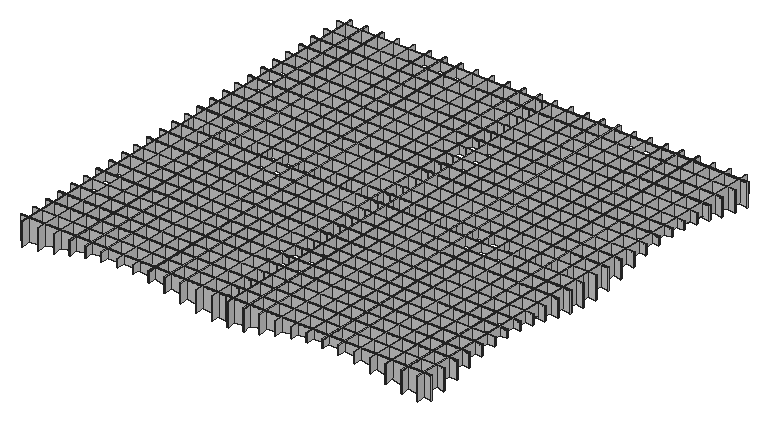
Revit family "CLD-WFL-002_RFA", category Modelos genéricos, Revit 2022 (continued)
Forms (in)
  Extrusion 81, solid, not visible
    sketch origin (0, 8.89955, 0) x (1, 0, 0) y (0, 0, 1)
      loop
        spline (104.09022, 1.58418) -> (104.41609, 1.52715) -> (104.74197, 1.46988) -> (105.06787, 1.41237) -> (105.39376, 1.35462) -> (105.71965, 1.29662) -> (106.04553, 1.23838) -> (106.37138, 1.1799) -> (106.6972, 1.12116) -> (107.02298, 1.06219) -> (107.34871, 1.00296) -> (107.67439, 0.94348) -> (108, 0.88375)
        line (108, 0.88375) -> (108, 11.82144)
    from -0.11811 to 0
  Extrusion 82, solid, not visible
    sketch origin (0, 58.163, 0) x (1, 0, 0) y (0, 0, 1)
      loop
        line (108, 11.82144) -> (0, 11.82144) -> (0, 7.49745)
        spline (0, 7.49745) -> (0.32561, 7.50061) -> (0.65129, 7.5028) -> (0.97702, 7.504) -> (1.3028, 7.50421) -> (1.62862, 7.5034) -> (1.95447, 7.50158) -> (2.28035, 7.49874) -> (2.60624, 7.49485) -> (2.93213, 7.48991) -> (3.25803, 7.48392) -> (3.58391, 7.47685) -> (3.90978, 7.46871)
        spline (3.90978, 7.46871) -> (4.64427, 7.44283) -> (5.37852, 7.41184) -> (6.11245, 7.37564) -> (6.84598, 7.33415) -> (7.57905, 7.28726) -> (8.31158, 7.23488) -> (9.04349, 7.17692) -> (9.77471, 7.11327) -> (10.50517, 7.04386) -> (11.23479, 6.96857) -> (11.9635, 6.88732) -> (12.69122, 6.80001)
        spline (12.69122, 6.80001) -> (13.34456, 6.71191) -> (13.99682, 6.61804) -> (14.64799, 6.5185) -> (15.29813, 6.41358) -> (15.94729, 6.30354) -> (16.59553, 6.18867) -> (17.2429, 6.06925) -> (17.88946, 5.94556) -> (18.53527, 5.81787) -> (19.18038, 5.68647) -> (19.82484, 5.55162) -> (20.46871, 5.41362)
        spline (20.46871, 5.41362) -> (21.20701, 5.25043) -> (21.94481, 5.08446) -> (22.68216, 4.91603) -> (23.41914, 4.74548) -> (24.15581, 4.57314) -> (24.89224, 4.39932) -> (25.62848, 4.22436) -> (26.36461, 4.04857) -> (27.10068, 3.8723) -> (27.83677, 3.69586) -> (28.57293, 3.51959) -> (29.30922, 3.3438)
        spline (29.30922, 3.3438) -> (29.95995, 3.18922) -> (30.61094, 3.03586) -> (31.26223, 2.884) -> (31.91387, 2.73392) -> (32.56591, 2.58591) -> (33.21841, 2.44027) -> (33.87141, 2.29726) -> (34.52497, 2.15719) -> (35.17914, 2.02034) -> (35.83396, 1.88699) -> (36.48949, 1.75744) -> (37.14578, 1.63196)
        spline (37.14578, 1.63196) -> (37.87194, 1.50186) -> (38.59907, 1.37703) -> (39.32723, 1.25779) -> (40.05647, 1.14445) -> (40.78684, 1.03728) -> (41.51831, 0.93629) -> (42.25083, 0.84139) -> (42.98434, 0.75249) -> (43.71879, 0.66948) -> (44.45413, 0.59228) -> (45.19029, 0.52078) -> (45.92722, 0.45488)
        spline (45.92722, 0.45488) -> (46.57816, 0.40504) -> (47.22964, 0.35985) -> (47.88162, 0.31924) -> (48.53404, 0.28312) -> (49.18687, 0.2514) -> (49.84004, 0.224) -> (50.49352, 0.20084) -> (51.14725, 0.18183) -> (51.80119, 0.1669) -> (52.45529, 0.15595) -> (53.1095, 0.14891) -> (53.76378, 0.14568)
        spline (53.76378, 0.14568) -> (54.49695, 0.14945) -> (55.23005, 0.1575) -> (55.96302, 0.16993) -> (56.69581, 0.18682) -> (57.42837, 0.20828) -> (58.16064, 0.23439) -> (58.89257, 0.26525) -> (59.6241, 0.30095) -> (60.35518, 0.34158) -> (61.08577, 0.38725) -> (61.8158, 0.43804) -> (62.54522, 0.49405)
        spline (62.54522, 0.49405) -> (63.20286, 0.55285) -> (63.85981, 0.61666) -> (64.51602, 0.68555) -> (65.17144, 0.75961) -> (65.82603, 0.83894) -> (66.47973, 0.92362) -> (67.1325, 1.01374) -> (67.78428, 1.10938) -> (68.43505, 1.21052) -> (69.08486, 1.31692) -> (69.73376, 1.42831) -> (70.38178, 1.54441)
        spline (70.38178, 1.54441) -> (71.11719, 1.68452) -> (71.85174, 1.82919) -> (72.58551, 1.97812) -> (73.31855, 2.13097) -> (74.05091, 2.28743) -> (74.78265, 2.44718) -> (75.51383, 2.60988) -> (76.24449, 2.77524) -> (76.97471, 2.94291) -> (77.70453, 3.11258) -> (78.43402, 3.28394) -> (79.16322, 3.45665)
        spline (79.16322, 3.45665) -> (79.81589, 3.61318) -> (80.46845, 3.77015) -> (81.12094, 3.92726) -> (81.77342, 4.08422) -> (82.42595, 4.24075) -> (83.07858, 4.39655) -> (83.73137, 4.55134) -> (84.38439, 4.70482) -> (85.03768, 4.85671) -> (85.6913, 5.00672) -> (86.34531, 5.15455) -> (86.99978, 5.29992)
        spline (86.99978, 5.29992) -> (87.72678, 5.4553) -> (88.45445, 5.60712) -> (89.18284, 5.75506) -> (89.91202, 5.8988) -> (90.64204, 6.03803) -> (91.37299, 6.17243) -> (92.1049, 6.3017) -> (92.83786, 6.42551) -> (93.57191, 6.54354) -> (94.30712, 6.6555) -> (95.04356, 6.76106) -> (95.78122, 6.8601)
        spline (95.78122, 6.8601) -> (96.43065, 6.93786) -> (97.08095, 7.01021) -> (97.73207, 7.07724) -> (98.38393, 7.13903) -> (99.03648, 7.19567) -> (99.68963, 7.24723) -> (100.34334, 7.29382) -> (100.99753, 7.33551) -> (101.65213, 7.37238) -> (102.30709, 7.40452) -> (102.96233, 7.43202) -> (103.61778, 7.45496)
        spline (103.61778, 7.45496) -> (103.98301, 7.46494) -> (104.34826, 7.47372) -> (104.71353, 7.4813) -> (105.0788, 7.48768) -> (105.44406, 7.4929) -> (105.80931, 7.49695) -> (106.17454, 7.49984) -> (106.53973, 7.5016) -> (106.90488, 7.50223) -> (107.26998, 7.50173) -> (107.63503, 7.50014) -> (108, 7.49745)
        line (108, 7.49745) -> (108, 11.82144)
    from -0.11811 to 0
  Extrusion 83, solid, not visible
    sketch origin (0, 58.28111, 0) x (1, 0, 0) y (0, 0, 1)
      loop
        line (108, 11.82144) -> (0, 11.82144) -> (0, 7.49745)
        spline (0, 7.49745) -> (0.32561, 7.50061) -> (0.65129, 7.5028) -> (0.97702, 7.504) -> (1.3028, 7.50421) -> (1.62862, 7.5034) -> (1.95447, 7.50158) -> (2.28035, 7.49874) -> (2.60624, 7.49485) -> (2.93213, 7.48991) -> (3.25803, 7.48392) -> (3.58391, 7.47685) -> (3.90978, 7.46871)
        spline (3.90978, 7.46871) -> (4.64427, 7.44283) -> (5.37852, 7.41184) -> (6.11245, 7.37564) -> (6.84598, 7.33415) -> (7.57905, 7.28726) -> (8.31158, 7.23488) -> (9.04349, 7.17692) -> (9.77471, 7.11327) -> (10.50517, 7.04386) -> (11.23479, 6.96857) -> (11.9635, 6.88732) -> (12.69122, 6.80001)
        spline (12.69122, 6.80001) -> (13.34456, 6.71191) -> (13.99682, 6.61804) -> (14.64799, 6.5185) -> (15.29813, 6.41358) -> (15.94729, 6.30354) -> (16.59553, 6.18867) -> (17.2429, 6.06925) -> (17.88946, 5.94556) -> (18.53527, 5.81787) -> (19.18038, 5.68647) -> (19.82484, 5.55162) -> (20.46871, 5.41362)
        spline (20.46871, 5.41362) -> (21.20701, 5.25043) -> (21.94481, 5.08446) -> (22.68216, 4.91603) -> (23.41914, 4.74548) -> (24.15581, 4.57314) -> (24.89224, 4.39932) -> (25.62848, 4.22436) -> (26.36461, 4.04857) -> (27.10068, 3.8723) -> (27.83677, 3.69586) -> (28.57293, 3.51959) -> (29.30922, 3.3438)
        spline (29.30922, 3.3438) -> (29.95995, 3.18922) -> (30.61094, 3.03586) -> (31.26223, 2.884) -> (31.91387, 2.73392) -> (32.56591, 2.58591) -> (33.21841, 2.44027) -> (33.87141, 2.29726) -> (34.52497, 2.15719) -> (35.17914, 2.02034) -> (35.83396, 1.88699) -> (36.48949, 1.75744) -> (37.14578, 1.63196)
        spline (37.14578, 1.63196) -> (37.87194, 1.50186) -> (38.59907, 1.37703) -> (39.32723, 1.25779) -> (40.05647, 1.14445) -> (40.78684, 1.03728) -> (41.51831, 0.93629) -> (42.25083, 0.84139) -> (42.98434, 0.75249) -> (43.71879, 0.66948) -> (44.45413, 0.59228) -> (45.19029, 0.52078) -> (45.92722, 0.45488)
        spline (45.92722, 0.45488) -> (46.57816, 0.40504) -> (47.22964, 0.35985) -> (47.88162, 0.31924) -> (48.53404, 0.28312) -> (49.18687, 0.2514) -> (49.84004, 0.224) -> (50.49352, 0.20084) -> (51.14725, 0.18183) -> (51.80119, 0.1669) -> (52.45529, 0.15595) -> (53.1095, 0.14891) -> (53.76378, 0.14568)
        spline (53.76378, 0.14568) -> (54.49695, 0.14945) -> (55.23005, 0.1575) -> (55.96302, 0.16993) -> (56.69581, 0.18682) -> (57.42837, 0.20828) -> (58.16064, 0.23439) -> (58.89257, 0.26525) -> (59.6241, 0.30095) -> (60.35518, 0.34158) -> (61.08577, 0.38725) -> (61.8158, 0.43804) -> (62.54522, 0.49405)
        spline (62.54522, 0.49405) -> (63.20286, 0.55285) -> (63.85981, 0.61666) -> (64.51602, 0.68555) -> (65.17144, 0.75961) -> (65.82603, 0.83894) -> (66.47973, 0.92362) -> (67.1325, 1.01374) -> (67.78428, 1.10938) -> (68.43505, 1.21052) -> (69.08486, 1.31692) -> (69.73376, 1.42831) -> (70.38178, 1.54441)
        spline (70.38178, 1.54441) -> (71.11719, 1.68452) -> (71.85174, 1.82919) -> (72.58551, 1.97812) -> (73.31855, 2.13097) -> (74.05091, 2.28743) -> (74.78265, 2.44718) -> (75.51383, 2.60988) -> (76.24449, 2.77524) -> (76.97471, 2.94291) -> (77.70453, 3.11258) -> (78.43402, 3.28394) -> (79.16322, 3.45665)
        spline (79.16322, 3.45665) -> (79.81589, 3.61318) -> (80.46845, 3.77015) -> (81.12094, 3.92726) -> (81.77342, 4.08422) -> (82.42595, 4.24075) -> (83.07858, 4.39655) -> (83.73137, 4.55134) -> (84.38439, 4.70482) -> (85.03768, 4.85671) -> (85.6913, 5.00672) -> (86.34531, 5.15455) -> (86.99978, 5.29992)
        spline (86.99978, 5.29992) -> (87.72678, 5.4553) -> (88.45445, 5.60712) -> (89.18284, 5.75506) -> (89.91202, 5.8988) -> (90.64204, 6.03803) -> (91.37299, 6.17243) -> (92.1049, 6.3017) -> (92.83786, 6.42551) -> (93.57191, 6.54354) -> (94.30712, 6.6555) -> (95.04356, 6.76106) -> (95.78122, 6.8601)
        spline (95.78122, 6.8601) -> (96.43065, 6.93786) -> (97.08095, 7.01021) -> (97.73207, 7.07724) -> (98.38393, 7.13903) -> (99.03648, 7.19567) -> (99.68963, 7.24723) -> (100.34334, 7.29382) -> (100.99753, 7.33551) -> (101.65213, 7.37238) -> (102.30709, 7.40452) -> (102.96233, 7.43202) -> (103.61778, 7.45496)
        spline (103.61778, 7.45496) -> (103.98301, 7.46494) -> (104.34826, 7.47372) -> (104.71353, 7.4813) -> (105.0788, 7.48768) -> (105.44406, 7.4929) -> (105.80931, 7.49695) -> (106.17454, 7.49984) -> (106.53973, 7.5016) -> (106.90488, 7.50223) -> (107.26998, 7.50173) -> (107.63503, 7.50014) -> (108, 7.49745)
        line (108, 7.49745) -> (108, 11.82144)
    from -0.47244 to 0
  Extrusion 84, solid, not visible
    sketch origin (0, 58.75355, 0) x (1, 0, 0) y (0, 0, 1)
      loop
        line (108, 11.82144) -> (0, 11.82144) -> (0, 7.49745)
        spline (0, 7.49745) -> (0.32561, 7.50061) -> (0.65129, 7.5028) -> (0.97702, 7.504) -> (1.3028, 7.50421) -> (1.62862, 7.5034) -> (1.95447, 7.50158) -> (2.28035, 7.49874) -> (2.60624, 7.49485) -> (2.93213, 7.48991) -> (3.25803, 7.48392) -> (3.58391, 7.47685) -> (3.90978, 7.46871)
        spline (3.90978, 7.46871) -> (4.64427, 7.44283) -> (5.37852, 7.41184) -> (6.11245, 7.37564) -> (6.84598, 7.33415) -> (7.57905, 7.28726) -> (8.31158, 7.23488) -> (9.04349, 7.17692) -> (9.77471, 7.11327) -> (10.50517, 7.04386) -> (11.23479, 6.96857) -> (11.9635, 6.88732) -> (12.69122, 6.80001)
        spline (12.69122, 6.80001) -> (13.34456, 6.71191) -> (13.99682, 6.61804) -> (14.64799, 6.5185) -> (15.29813, 6.41358) -> (15.94729, 6.30354) -> (16.59553, 6.18867) -> (17.2429, 6.06925) -> (17.88946, 5.94556) -> (18.53527, 5.81787) -> (19.18038, 5.68647) -> (19.82484, 5.55162) -> (20.46871, 5.41362)
        spline (20.46871, 5.41362) -> (21.20701, 5.25043) -> (21.94481, 5.08446) -> (22.68216, 4.91603) -> (23.41914, 4.74548) -> (24.15581, 4.57314) -> (24.89224, 4.39932) -> (25.62848, 4.22436) -> (26.36461, 4.04857) -> (27.10068, 3.8723) -> (27.83677, 3.69586) -> (28.57293, 3.51959) -> (29.30922, 3.3438)
        spline (29.30922, 3.3438) -> (29.95995, 3.18922) -> (30.61094, 3.03586) -> (31.26223, 2.884) -> (31.91387, 2.73392) -> (32.56591, 2.58591) -> (33.21841, 2.44027) -> (33.87141, 2.29726) -> (34.52497, 2.15719) -> (35.17914, 2.02034) -> (35.83396, 1.88699) -> (36.48949, 1.75744) -> (37.14578, 1.63196)
        spline (37.14578, 1.63196) -> (37.87194, 1.50186) -> (38.59907, 1.37703) -> (39.32723, 1.25779) -> (40.05647, 1.14445) -> (40.78684, 1.03728) -> (41.51831, 0.93629) -> (42.25083, 0.84139) -> (42.98434, 0.75249) -> (43.71879, 0.66948) -> (44.45413, 0.59228) -> (45.19029, 0.52078) -> (45.92722, 0.45488)
        spline (45.92722, 0.45488) -> (46.57816, 0.40504) -> (47.22964, 0.35985) -> (47.88162, 0.31924) -> (48.53404, 0.28312) -> (49.18687, 0.2514) -> (49.84004, 0.224) -> (50.49352, 0.20084) -> (51.14725, 0.18183) -> (51.80119, 0.1669) -> (52.45529, 0.15595) -> (53.1095, 0.14891) -> (53.76378, 0.14568)
        spline (53.76378, 0.14568) -> (54.49695, 0.14945) -> (55.23005, 0.1575) -> (55.96302, 0.16993) -> (56.69581, 0.18682) -> (57.42837, 0.20828) -> (58.16064, 0.23439) -> (58.89257, 0.26525) -> (59.6241, 0.30095) -> (60.35518, 0.34158) -> (61.08577, 0.38725) -> (61.8158, 0.43804) -> (62.54522, 0.49405)
        spline (62.54522, 0.49405) -> (63.20286, 0.55285) -> (63.85981, 0.61666) -> (64.51602, 0.68555) -> (65.17144, 0.75961) -> (65.82603, 0.83894) -> (66.47973, 0.92362) -> (67.1325, 1.01374) -> (67.78428, 1.10938) -> (68.43505, 1.21052) -> (69.08486, 1.31692) -> (69.73376, 1.42831) -> (70.38178, 1.54441)
        spline (70.38178, 1.54441) -> (71.11719, 1.68452) -> (71.85174, 1.82919) -> (72.58551, 1.97812) -> (73.31855, 2.13097) -> (74.05091, 2.28743) -> (74.78265, 2.44718) -> (75.51383, 2.60988) -> (76.24449, 2.77524) -> (76.97471, 2.94291) -> (77.70453, 3.11258) -> (78.43402, 3.28394) -> (79.16322, 3.45665)
        spline (79.16322, 3.45665) -> (79.81589, 3.61318) -> (80.46845, 3.77015) -> (81.12094, 3.92726) -> (81.77342, 4.08422) -> (82.42595, 4.24075) -> (83.07858, 4.39655) -> (83.73137, 4.55134) -> (84.38439, 4.70482) -> (85.03768, 4.85671) -> (85.6913, 5.00672) -> (86.34531, 5.15455) -> (86.99978, 5.29992)
        spline (86.99978, 5.29992) -> (87.72678, 5.4553) -> (88.45445, 5.60712) -> (89.18284, 5.75506) -> (89.91202, 5.8988) -> (90.64204, 6.03803) -> (91.37299, 6.17243) -> (92.1049, 6.3017) -> (92.83786, 6.42551) -> (93.57191, 6.54354) -> (94.30712, 6.6555) -> (95.04356, 6.76106) -> (95.78122, 6.8601)
        spline (95.78122, 6.8601) -> (96.43065, 6.93786) -> (97.08095, 7.01021) -> (97.73207, 7.07724) -> (98.38393, 7.13903) -> (99.03648, 7.19567) -> (99.68963, 7.24723) -> (100.34334, 7.29382) -> (100.99753, 7.33551) -> (101.65213, 7.37238) -> (102.30709, 7.40452) -> (102.96233, 7.43202) -> (103.61778, 7.45496)
        spline (103.61778, 7.45496) -> (103.98301, 7.46494) -> (104.34826, 7.47372) -> (104.71353, 7.4813) -> (105.0788, 7.48768) -> (105.44406, 7.4929) -> (105.80931, 7.49695) -> (106.17454, 7.49984) -> (106.53973, 7.5016) -> (106.90488, 7.50223) -> (107.26998, 7.50173) -> (107.63503, 7.50014) -> (108, 7.49745)
        line (108, 7.49745) -> (108, 11.82144)
    from -0.11811 to 0
  Extrusion 85, solid, not visible
    sketch origin (0, 66.472, 0) x (1, 0, 0) y (0, 0, 1)
      loop
        line (108, 11.82144) -> (0, 11.82144) -> (0, 6.40455)
        spline (0, 6.40455) -> (0.32561, 6.42139) -> (0.65129, 6.43729) -> (0.97702, 6.45226) -> (1.3028, 6.46628) -> (1.62862, 6.47935) -> (1.95447, 6.49146) -> (2.28035, 6.50259) -> (2.60624, 6.51274) -> (2.93213, 6.52189) -> (3.25803, 6.53005) -> (3.58391, 6.5372) -> (3.90978, 6.54334)
        spline (3.90978, 6.54334) -> (4.64427, 6.55011) -> (5.37852, 6.55208) -> (6.11244, 6.54917) -> (6.84598, 6.5413) -> (7.57905, 6.52839) -> (8.31157, 6.51035) -> (9.04349, 6.4871) -> (9.77471, 6.45856) -> (10.50517, 6.42465) -> (11.23479, 6.38528) -> (11.9635, 6.34038) -> (12.69122, 6.28985)
        spline (12.69122, 6.28985) -> (13.34952, 6.23514) -> (14.00673, 6.17505) -> (14.66285, 6.10968) -> (15.31792, 6.03926) -> (15.97202, 5.96405) -> (16.62518, 5.88427) -> (17.27747, 5.80017) -> (17.92894, 5.712) -> (18.57965, 5.62) -> (19.22966, 5.52441) -> (19.87902, 5.42547) -> (20.52778, 5.32343)
        spline (20.52778, 5.32343) -> (21.26115, 5.20293) -> (21.99402, 5.07965) -> (22.72645, 4.95385) -> (23.4585, 4.82583) -> (24.19025, 4.69586) -> (24.92176, 4.56423) -> (25.65308, 4.43121) -> (26.38429, 4.29709) -> (27.11544, 4.16214) -> (27.84661, 4.02665) -> (28.57785, 3.8909) -> (29.30922, 3.75516)
        spline (29.30922, 3.75516) -> (29.95995, 3.63466) -> (30.61094, 3.51485) -> (31.26223, 3.39599) -> (31.91387, 3.2783) -> (32.56591, 3.16206) -> (33.21841, 3.04749) -> (33.87141, 2.93486) -> (34.52497, 2.8244) -> (35.17914, 2.71637) -> (35.83396, 2.61101) -> (36.48949, 2.50857) -> (37.14578, 2.4093)
        spline (37.14578, 2.4093) -> (37.87194, 2.30632) -> (38.59907, 2.20751) -> (39.32723, 2.11315) -> (40.05647, 2.02349) -> (40.78684, 1.93878) -> (41.51831, 1.85902) -> (42.25083, 1.78415) -> (42.98434, 1.71406) -> (43.71879, 1.64869) -> (44.45413, 1.58794) -> (45.19029, 1.53174) -> (45.92722, 1.47999)
        spline (45.92722, 1.47999) -> (46.57816, 1.44092) -> (47.22964, 1.40553) -> (47.88162, 1.37376) -> (48.53404, 1.34552) -> (49.18687, 1.32076) -> (49.84004, 1.2994) -> (50.49352, 1.28136) -> (51.14725, 1.26658) -> (51.80119, 1.25497) -> (52.45529, 1.24648) -> (53.1095, 1.24101) -> (53.76378, 1.23852)
        spline (53.76378, 1.23852) -> (54.49695, 1.24145) -> (55.23005, 1.2477) -> (55.96302, 1.25736) -> (56.69581, 1.2705) -> (57.42836, 1.2872) -> (58.16063, 1.30755) -> (58.89256, 1.33163) -> (59.62409, 1.35951) -> (60.35518, 1.39128) -> (61.08577, 1.42702) -> (61.8158, 1.46681) -> (62.54522, 1.51073)
        spline (62.54522, 1.51073) -> (63.20286, 1.5569) -> (63.85981, 1.60706) -> (64.51602, 1.66127) -> (65.17144, 1.7196) -> (65.82603, 1.78214) -> (66.47973, 1.84896) -> (67.1325, 1.92013) -> (67.78428, 1.99572) -> (68.43505, 2.07573) -> (69.08486, 2.15994) -> (69.73376, 2.24811) -> (70.38178, 2.34001)
        spline (70.38178, 2.34001) -> (71.11719, 2.45082) -> (71.85175, 2.56518) -> (72.58552, 2.6828) -> (73.31856, 2.80343) -> (74.05092, 2.92677) -> (74.78266, 3.05256) -> (75.51384, 3.1805) -> (76.2445, 3.31033) -> (76.97472, 3.44177) -> (77.70454, 3.57454) -> (78.43402, 3.70836) -> (79.16322, 3.84296)
        spline (79.16322, 3.84296) -> (79.81589, 3.96449) -> (80.46845, 4.08604) -> (81.12094, 4.20735) -> (81.77342, 4.32817) -> (82.42595, 4.44826) -> (83.07858, 4.56736) -> (83.73137, 4.68523) -> (84.38439, 4.80161) -> (85.03768, 4.91625) -> (85.6913, 5.02891) -> (86.34531, 5.13933) -> (86.99978, 5.24726)
        spline (86.99978, 5.24726) -> (87.72678, 5.36123) -> (88.45444, 5.47173) -> (89.18283, 5.57848) -> (89.91201, 5.68121) -> (90.64203, 5.77964) -> (91.37298, 5.87351) -> (92.10489, 5.96254) -> (92.83785, 6.04646) -> (93.5719, 6.125) -> (94.30712, 6.19789) -> (95.04356, 6.26486) -> (95.78122, 6.32579)
        spline (95.78122, 6.32579) -> (96.46987, 6.37175) -> (97.15943, 6.41238) -> (97.84985, 6.44778) -> (98.54104, 6.47801) -> (99.23294, 6.50316) -> (99.92548, 6.5233) -> (100.61859, 6.53851) -> (101.3122, 6.54886) -> (102.00624, 6.55445) -> (102.70063, 6.55534) -> (103.39532, 6.55161) -> (104.09022, 6.54334)
        spline (104.09022, 6.54334) -> (104.41609, 6.5372) -> (104.74197, 6.53005) -> (105.06787, 6.52189) -> (105.39376, 6.51274) -> (105.71965, 6.50259) -> (106.04553, 6.49146) -> (106.37138, 6.47935) -> (106.6972, 6.46628) -> (107.02298, 6.45226) -> (107.34871, 6.43729) -> (107.67439, 6.42139) -> (108, 6.40455)
        line (108, 6.40455) -> (108, 11.82144)
    from -0.11811 to 0
  Extrusion 86, solid, not visible
    sketch origin (0, 66.59011, 0) x (1, 0, 0) y (0, 0, 1)
      loop
        line (108, 11.82144) -> (0, 11.82144) -> (0, 6.40455)
        spline (0, 6.40455) -> (0.32561, 6.42139) -> (0.65129, 6.43729) -> (0.97702, 6.45226) -> (1.3028, 6.46628) -> (1.62862, 6.47935) -> (1.95447, 6.49146) -> (2.28035, 6.50259) -> (2.60624, 6.51274) -> (2.93213, 6.52189) -> (3.25803, 6.53005) -> (3.58391, 6.5372) -> (3.90978, 6.54334)
        spline (3.90978, 6.54334) -> (4.64427, 6.55011) -> (5.37852, 6.55208) -> (6.11244, 6.54917) -> (6.84598, 6.5413) -> (7.57905, 6.52839) -> (8.31157, 6.51035) -> (9.04349, 6.4871) -> (9.77471, 6.45856) -> (10.50517, 6.42465) -> (11.23479, 6.38528) -> (11.9635, 6.34038) -> (12.69122, 6.28985)
        spline (12.69122, 6.28985) -> (13.34952, 6.23514) -> (14.00673, 6.17505) -> (14.66285, 6.10968) -> (15.31792, 6.03926) -> (15.97202, 5.96405) -> (16.62518, 5.88427) -> (17.27747, 5.80017) -> (17.92894, 5.712) -> (18.57965, 5.62) -> (19.22966, 5.52441) -> (19.87902, 5.42547) -> (20.52778, 5.32343)
        spline (20.52778, 5.32343) -> (21.26115, 5.20293) -> (21.99402, 5.07965) -> (22.72645, 4.95385) -> (23.4585, 4.82583) -> (24.19025, 4.69586) -> (24.92176, 4.56423) -> (25.65308, 4.43121) -> (26.38429, 4.29709) -> (27.11544, 4.16214) -> (27.84661, 4.02665) -> (28.57785, 3.8909) -> (29.30922, 3.75516)
        spline (29.30922, 3.75516) -> (29.95995, 3.63466) -> (30.61094, 3.51485) -> (31.26223, 3.39599) -> (31.91387, 3.2783) -> (32.56591, 3.16206) -> (33.21841, 3.04749) -> (33.87141, 2.93486) -> (34.52497, 2.8244) -> (35.17914, 2.71637) -> (35.83396, 2.61101) -> (36.48949, 2.50857) -> (37.14578, 2.4093)
        spline (37.14578, 2.4093) -> (37.87194, 2.30632) -> (38.59907, 2.20751) -> (39.32723, 2.11315) -> (40.05647, 2.02349) -> (40.78684, 1.93878) -> (41.51831, 1.85902) -> (42.25083, 1.78415) -> (42.98434, 1.71406) -> (43.71879, 1.64869) -> (44.45413, 1.58794) -> (45.19029, 1.53174) -> (45.92722, 1.47999)
        spline (45.92722, 1.47999) -> (46.57816, 1.44092) -> (47.22964, 1.40553) -> (47.88162, 1.37376) -> (48.53404, 1.34552) -> (49.18687, 1.32076) -> (49.84004, 1.2994) -> (50.49352, 1.28136) -> (51.14725, 1.26658) -> (51.80119, 1.25497) -> (52.45529, 1.24648) -> (53.1095, 1.24101) -> (53.76378, 1.23852)
        spline (53.76378, 1.23852) -> (54.49695, 1.24145) -> (55.23005, 1.2477) -> (55.96302, 1.25736) -> (56.69581, 1.2705) -> (57.42836, 1.2872) -> (58.16063, 1.30755) -> (58.89256, 1.33163) -> (59.62409, 1.35951) -> (60.35518, 1.39128) -> (61.08577, 1.42702) -> (61.8158, 1.46681) -> (62.54522, 1.51073)
        spline (62.54522, 1.51073) -> (63.20286, 1.5569) -> (63.85981, 1.60706) -> (64.51602, 1.66127) -> (65.17144, 1.7196) -> (65.82603, 1.78214) -> (66.47973, 1.84896) -> (67.1325, 1.92013) -> (67.78428, 1.99572) -> (68.43505, 2.07573) -> (69.08486, 2.15994) -> (69.73376, 2.24811) -> (70.38178, 2.34001)
        spline (70.38178, 2.34001) -> (71.11719, 2.45082) -> (71.85175, 2.56518) -> (72.58552, 2.6828) -> (73.31856, 2.80343) -> (74.05092, 2.92677) -> (74.78266, 3.05256) -> (75.51384, 3.1805) -> (76.2445, 3.31033) -> (76.97472, 3.44177) -> (77.70454, 3.57454) -> (78.43402, 3.70836) -> (79.16322, 3.84296)
        spline (79.16322, 3.84296) -> (79.81589, 3.96449) -> (80.46845, 4.08604) -> (81.12094, 4.20735) -> (81.77342, 4.32817) -> (82.42595, 4.44826) -> (83.07858, 4.56736) -> (83.73137, 4.68523) -> (84.38439, 4.80161) -> (85.03768, 4.91625) -> (85.6913, 5.02891) -> (86.34531, 5.13933) -> (86.99978, 5.24726)
        spline (86.99978, 5.24726) -> (87.72678, 5.36123) -> (88.45444, 5.47173) -> (89.18283, 5.57848) -> (89.91201, 5.68121) -> (90.64203, 5.77964) -> (91.37298, 5.87351) -> (92.10489, 5.96254) -> (92.83785, 6.04646) -> (93.5719, 6.125) -> (94.30712, 6.19789) -> (95.04356, 6.26486) -> (95.78122, 6.32579)
        spline (95.78122, 6.32579) -> (96.46987, 6.37175) -> (97.15943, 6.41238) -> (97.84985, 6.44778) -> (98.54104, 6.47801) -> (99.23294, 6.50316) -> (99.92548, 6.5233) -> (100.61859, 6.53851) -> (101.3122, 6.54886) -> (102.00624, 6.55445) -> (102.70063, 6.55534) -> (103.39532, 6.55161) -> (104.09022, 6.54334)
        spline (104.09022, 6.54334) -> (104.41609, 6.5372) -> (104.74197, 6.53005) -> (105.06787, 6.52189) -> (105.39376, 6.51274) -> (105.71965, 6.50259) -> (106.04553, 6.49146) -> (106.37138, 6.47935) -> (106.6972, 6.46628) -> (107.02298, 6.45226) -> (107.34871, 6.43729) -> (107.67439, 6.42139) -> (108, 6.40455)
        line (108, 6.40455) -> (108, 11.82144)
    from -0.47244 to 0
  Extrusion 87, solid, not visible
    sketch origin (0, 67.06255, 0) x (1, 0, 0) y (0, 0, 1)
      loop
        line (108, 11.82144) -> (0, 11.82144) -> (0, 6.40455)
        spline (0, 6.40455) -> (0.32561, 6.42139) -> (0.65129, 6.43729) -> (0.97702, 6.45226) -> (1.3028, 6.46628) -> (1.62862, 6.47935) -> (1.95447, 6.49146) -> (2.28035, 6.50259) -> (2.60624, 6.51274) -> (2.93213, 6.52189) -> (3.25803, 6.53005) -> (3.58391, 6.5372) -> (3.90978, 6.54334)
        spline (3.90978, 6.54334) -> (4.64427, 6.55011) -> (5.37852, 6.55208) -> (6.11244, 6.54917) -> (6.84598, 6.5413) -> (7.57905, 6.52839) -> (8.31157, 6.51035) -> (9.04349, 6.4871) -> (9.77471, 6.45856) -> (10.50517, 6.42465) -> (11.23479, 6.38528) -> (11.9635, 6.34038) -> (12.69122, 6.28985)
        spline (12.69122, 6.28985) -> (13.34952, 6.23514) -> (14.00673, 6.17505) -> (14.66285, 6.10968) -> (15.31792, 6.03926) -> (15.97202, 5.96405) -> (16.62518, 5.88427) -> (17.27747, 5.80017) -> (17.92894, 5.712) -> (18.57965, 5.62) -> (19.22966, 5.52441) -> (19.87902, 5.42547) -> (20.52778, 5.32343)
        spline (20.52778, 5.32343) -> (21.26115, 5.20293) -> (21.99402, 5.07965) -> (22.72645, 4.95385) -> (23.4585, 4.82583) -> (24.19025, 4.69586) -> (24.92176, 4.56423) -> (25.65308, 4.43121) -> (26.38429, 4.29709) -> (27.11544, 4.16214) -> (27.84661, 4.02665) -> (28.57785, 3.8909) -> (29.30922, 3.75516)
        spline (29.30922, 3.75516) -> (29.95995, 3.63466) -> (30.61094, 3.51485) -> (31.26223, 3.39599) -> (31.91387, 3.2783) -> (32.56591, 3.16206) -> (33.21841, 3.04749) -> (33.87141, 2.93486) -> (34.52497, 2.8244) -> (35.17914, 2.71637) -> (35.83396, 2.61101) -> (36.48949, 2.50857) -> (37.14578, 2.4093)
        spline (37.14578, 2.4093) -> (37.87194, 2.30632) -> (38.59907, 2.20751) -> (39.32723, 2.11315) -> (40.05647, 2.02349) -> (40.78684, 1.93878) -> (41.51831, 1.85902) -> (42.25083, 1.78415) -> (42.98434, 1.71406) -> (43.71879, 1.64869) -> (44.45413, 1.58794) -> (45.19029, 1.53174) -> (45.92722, 1.47999)
        spline (45.92722, 1.47999) -> (46.57816, 1.44092) -> (47.22964, 1.40553) -> (47.88162, 1.37376) -> (48.53404, 1.34552) -> (49.18687, 1.32076) -> (49.84004, 1.2994) -> (50.49352, 1.28136) -> (51.14725, 1.26658) -> (51.80119, 1.25497) -> (52.45529, 1.24648) -> (53.1095, 1.24101) -> (53.76378, 1.23852)
        spline (53.76378, 1.23852) -> (54.49695, 1.24145) -> (55.23005, 1.2477) -> (55.96302, 1.25736) -> (56.69581, 1.2705) -> (57.42836, 1.2872) -> (58.16063, 1.30755) -> (58.89256, 1.33163) -> (59.62409, 1.35951) -> (60.35518, 1.39128) -> (61.08577, 1.42702) -> (61.8158, 1.46681) -> (62.54522, 1.51073)
        spline (62.54522, 1.51073) -> (63.20286, 1.5569) -> (63.85981, 1.60706) -> (64.51602, 1.66127) -> (65.17144, 1.7196) -> (65.82603, 1.78214) -> (66.47973, 1.84896) -> (67.1325, 1.92013) -> (67.78428, 1.99572) -> (68.43505, 2.07573) -> (69.08486, 2.15994) -> (69.73376, 2.24811) -> (70.38178, 2.34001)
        spline (70.38178, 2.34001) -> (71.11719, 2.45082) -> (71.85175, 2.56518) -> (72.58552, 2.6828) -> (73.31856, 2.80343) -> (74.05092, 2.92677) -> (74.78266, 3.05256) -> (75.51384, 3.1805) -> (76.2445, 3.31033) -> (76.97472, 3.44177) -> (77.70454, 3.57454) -> (78.43402, 3.70836) -> (79.16322, 3.84296)
        spline (79.16322, 3.84296) -> (79.81589, 3.96449) -> (80.46845, 4.08604) -> (81.12094, 4.20735) -> (81.77342, 4.32817) -> (82.42595, 4.44826) -> (83.07858, 4.56736) -> (83.73137, 4.68523) -> (84.38439, 4.80161) -> (85.03768, 4.91625) -> (85.6913, 5.02891) -> (86.34531, 5.13933) -> (86.99978, 5.24726)
        spline (86.99978, 5.24726) -> (87.72678, 5.36123) -> (88.45444, 5.47173) -> (89.18283, 5.57848) -> (89.91201, 5.68121) -> (90.64203, 5.77964) -> (91.37298, 5.87351) -> (92.10489, 5.96254) -> (92.83785, 6.04646) -> (93.5719, 6.125) -> (94.30712, 6.19789) -> (95.04356, 6.26486) -> (95.78122, 6.32579)
        spline (95.78122, 6.32579) -> (96.46987, 6.37175) -> (97.15943, 6.41238) -> (97.84985, 6.44778) -> (98.54104, 6.47801) -> (99.23294, 6.50316) -> (99.92548, 6.5233) -> (100.61859, 6.53851) -> (101.3122, 6.54886) -> (102.00624, 6.55445) -> (102.70063, 6.55534) -> (103.39532, 6.55161) -> (104.09022, 6.54334)
        spline (104.09022, 6.54334) -> (104.41609, 6.5372) -> (104.74197, 6.53005) -> (105.06787, 6.52189) -> (105.39376, 6.51274) -> (105.71965, 6.50259) -> (106.04553, 6.49146) -> (106.37138, 6.47935) -> (106.6972, 6.46628) -> (107.02298, 6.45226) -> (107.34871, 6.43729) -> (107.67439, 6.42139) -> (108, 6.40455)
        line (108, 6.40455) -> (108, 11.82144)
    from -0.11811 to 0
  Extrusion 88, solid, not visible
    sketch origin (0, 74.781, 0) x (1, 0, 0) y (0, 0, 1)
      loop
        line (108, 11.82144) -> (0, 11.82144) -> (0, 4.58891)
        spline (0, 4.58891) -> (0.32561, 4.62796) -> (0.65129, 4.66617) -> (0.97702, 4.70353) -> (1.3028, 4.74004) -> (1.62862, 4.77569) -> (1.95447, 4.81048) -> (2.28035, 4.84439) -> (2.60624, 4.87743) -> (2.93213, 4.90957) -> (3.25803, 4.94083) -> (3.58391, 4.97119) -> (3.90978, 5.00064)
        spline (3.90978, 5.00064) -> (4.64427, 5.06081) -> (5.37851, 5.11675) -> (6.11244, 5.16838) -> (6.84597, 5.21566) -> (7.57904, 5.25851) -> (8.31157, 5.29688) -> (9.04348, 5.33072) -> (9.7747, 5.35995) -> (10.50516, 5.38452) -> (11.23478, 5.40437) -> (11.96349, 5.41944) -> (12.69122, 5.42966)
        spline (12.69122, 5.42966) -> (13.34952, 5.43128) -> (14.00673, 5.42829) -> (14.66285, 5.42076) -> (15.31792, 5.40886) -> (15.97202, 5.39278) -> (16.62518, 5.37269) -> (17.27747, 5.34877) -> (17.92894, 5.32119) -> (18.57965, 5.29014) -> (19.22966, 5.2558) -> (19.87902, 5.21833) -> (20.52778, 5.17793)
        spline (20.52778, 5.17793) -> (21.26115, 5.12722) -> (21.99402, 5.0737) -> (22.72645, 5.01759) -> (23.45851, 4.95908) -> (24.19025, 4.89838) -> (24.92176, 4.8357) -> (25.65308, 4.77124) -> (26.38429, 4.70521) -> (27.11544, 4.63782) -> (27.84661, 4.56926) -> (28.57785, 4.49975) -> (29.30922, 4.42949)
        spline (29.30922, 4.42949) -> (29.95995, 4.366) -> (30.61094, 4.30234) -> (31.26223, 4.2387) -> (31.91387, 4.17525) -> (32.56591, 4.11218) -> (33.21841, 4.04966) -> (33.87141, 3.98789) -> (34.52497, 3.92703) -> (35.17914, 3.86728) -> (35.83396, 3.80881) -> (36.48949, 3.75181) -> (37.14578, 3.69645)
        spline (37.14578, 3.69645) -> (37.87194, 3.63892) -> (38.59907, 3.58371) -> (39.32723, 3.53102) -> (40.05647, 3.48105) -> (40.78684, 3.43397) -> (41.51831, 3.38979) -> (42.25083, 3.34845) -> (42.98434, 3.30989) -> (43.7188, 3.27405) -> (44.45413, 3.24086) -> (45.19029, 3.21027) -> (45.92722, 3.18221)
        spline (45.92722, 3.18221) -> (46.57816, 3.16116) -> (47.22964, 3.14217) -> (47.88162, 3.12519) -> (48.53404, 3.11017) -> (49.18687, 3.09705) -> (49.84004, 3.08579) -> (50.49352, 3.07632) -> (51.14725, 3.06859) -> (51.80119, 3.06255) -> (52.45529, 3.05816) -> (53.1095, 3.05535) -> (53.76378, 3.05407)
        spline (53.76378, 3.05407) -> (54.49695, 3.0556) -> (55.23004, 3.05885) -> (55.96301, 3.06387) -> (56.6958, 3.07073) -> (57.42836, 3.07948) -> (58.16062, 3.09019) -> (58.89255, 3.10292) -> (59.62409, 3.11771) -> (60.35517, 3.13464) -> (61.08576, 3.15376) -> (61.81579, 3.17514) -> (62.54522, 3.19882)
        spline (62.54522, 3.19882) -> (63.20286, 3.22386) -> (63.85981, 3.25117) -> (64.51602, 3.28078) -> (65.17144, 3.31277) -> (65.82603, 3.34719) -> (66.47973, 3.38408) -> (67.1325, 3.42351) -> (67.78428, 3.46553) -> (68.43505, 3.51013) -> (69.08486, 3.55715) -> (69.73376, 3.60642) -> (70.38178, 3.65777)
        spline (70.38178, 3.65777) -> (71.1172, 3.71948) -> (71.85176, 3.78304) -> (72.58554, 3.84824) -> (73.31858, 3.91488) -> (74.05094, 3.98275) -> (74.78268, 4.05166) -> (75.51385, 4.12139) -> (76.24452, 4.19176) -> (76.97473, 4.26254) -> (77.70455, 4.33354) -> (78.43403, 4.40456) -> (79.16322, 4.47539)
        spline (79.16322, 4.47539) -> (79.80403, 4.53723) -> (80.44473, 4.59841) -> (81.08536, 4.65876) -> (81.72599, 4.7181) -> (82.36666, 4.77623) -> (83.00743, 4.83299) -> (83.64836, 4.88819) -> (84.28951, 4.94166) -> (84.93093, 4.9932) -> (85.57267, 5.04265) -> (86.21481, 5.08982) -> (86.85738, 5.13453)
        spline (86.85738, 5.13453) -> (87.59614, 5.18092) -> (88.33559, 5.22395) -> (89.07577, 5.26344) -> (89.81676, 5.29917) -> (90.55862, 5.33094) -> (91.30141, 5.35856) -> (92.04519, 5.38181) -> (92.79004, 5.4005) -> (93.53601, 5.41442) -> (94.28316, 5.42338) -> (95.03157, 5.42716) -> (95.78122, 5.4257)
        spline (95.78122, 5.4257) -> (96.43065, 5.41648) -> (97.08095, 5.40294) -> (97.73207, 5.38513) -> (98.38393, 5.36311) -> (99.03648, 5.33693) -> (99.68963, 5.30665) -> (100.34334, 5.27231) -> (100.99753, 5.23398) -> (101.65213, 5.19169) -> (102.30709, 5.14552) -> (102.96233, 5.09551) -> (103.61778, 5.04172)
        spline (103.61778, 5.04172) -> (103.98301, 5.00943) -> (104.34827, 4.97613) -> (104.71354, 4.94182) -> (105.07881, 4.90651) -> (105.44407, 4.8702) -> (105.80932, 4.83291) -> (106.17455, 4.79465) -> (106.53974, 4.75541) -> (106.90489, 4.71521) -> (107.26999, 4.67406) -> (107.63503, 4.63196) -> (108, 4.58891)
        line (108, 4.58891) -> (108, 11.82144)
    from -0.11811 to 0
  Extrusion 89, solid, not visible
    sketch origin (0, 74.89911, 0) x (1, 0, 0) y (0, 0, 1)
      loop
        line (108, 11.82144) -> (0, 11.82144) -> (0, 4.58891)
        spline (0, 4.58891) -> (0.32561, 4.62796) -> (0.65129, 4.66617) -> (0.97702, 4.70353) -> (1.3028, 4.74004) -> (1.62862, 4.77569) -> (1.95447, 4.81048) -> (2.28035, 4.84439) -> (2.60624, 4.87743) -> (2.93213, 4.90957) -> (3.25803, 4.94083) -> (3.58391, 4.97119) -> (3.90978, 5.00064)
        spline (3.90978, 5.00064) -> (4.64427, 5.06081) -> (5.37851, 5.11675) -> (6.11244, 5.16838) -> (6.84597, 5.21566) -> (7.57904, 5.25851) -> (8.31157, 5.29688) -> (9.04348, 5.33072) -> (9.7747, 5.35995) -> (10.50516, 5.38452) -> (11.23478, 5.40437) -> (11.96349, 5.41944) -> (12.69122, 5.42966)
        spline (12.69122, 5.42966) -> (13.34952, 5.43128) -> (14.00673, 5.42829) -> (14.66285, 5.42076) -> (15.31792, 5.40886) -> (15.97202, 5.39278) -> (16.62518, 5.37269) -> (17.27747, 5.34877) -> (17.92894, 5.32119) -> (18.57965, 5.29014) -> (19.22966, 5.2558) -> (19.87902, 5.21833) -> (20.52778, 5.17793)
        spline (20.52778, 5.17793) -> (21.26115, 5.12722) -> (21.99402, 5.0737) -> (22.72645, 5.01759) -> (23.45851, 4.95908) -> (24.19025, 4.89838) -> (24.92176, 4.8357) -> (25.65308, 4.77124) -> (26.38429, 4.70521) -> (27.11544, 4.63782) -> (27.84661, 4.56926) -> (28.57785, 4.49975) -> (29.30922, 4.42949)
        spline (29.30922, 4.42949) -> (29.95995, 4.366) -> (30.61094, 4.30234) -> (31.26223, 4.2387) -> (31.91387, 4.17525) -> (32.56591, 4.11218) -> (33.21841, 4.04966) -> (33.87141, 3.98789) -> (34.52497, 3.92703) -> (35.17914, 3.86728) -> (35.83396, 3.80881) -> (36.48949, 3.75181) -> (37.14578, 3.69645)
        spline (37.14578, 3.69645) -> (37.87194, 3.63892) -> (38.59907, 3.58371) -> (39.32723, 3.53102) -> (40.05647, 3.48105) -> (40.78684, 3.43397) -> (41.51831, 3.38979) -> (42.25083, 3.34845) -> (42.98434, 3.30989) -> (43.7188, 3.27405) -> (44.45413, 3.24086) -> (45.19029, 3.21027) -> (45.92722, 3.18221)
        spline (45.92722, 3.18221) -> (46.57816, 3.16116) -> (47.22964, 3.14217) -> (47.88162, 3.12519) -> (48.53404, 3.11017) -> (49.18687, 3.09705) -> (49.84004, 3.08579) -> (50.49352, 3.07632) -> (51.14725, 3.06859) -> (51.80119, 3.06255) -> (52.45529, 3.05816) -> (53.1095, 3.05535) -> (53.76378, 3.05407)
        spline (53.76378, 3.05407) -> (54.49695, 3.0556) -> (55.23004, 3.05885) -> (55.96301, 3.06387) -> (56.6958, 3.07073) -> (57.42836, 3.07948) -> (58.16062, 3.09019) -> (58.89255, 3.10292) -> (59.62409, 3.11771) -> (60.35517, 3.13464) -> (61.08576, 3.15376) -> (61.81579, 3.17514) -> (62.54522, 3.19882)
        spline (62.54522, 3.19882) -> (63.20286, 3.22386) -> (63.85981, 3.25117) -> (64.51602, 3.28078) -> (65.17144, 3.31277) -> (65.82603, 3.34719) -> (66.47973, 3.38408) -> (67.1325, 3.42351) -> (67.78428, 3.46553) -> (68.43505, 3.51013) -> (69.08486, 3.55715) -> (69.73376, 3.60642) -> (70.38178, 3.65777)
        spline (70.38178, 3.65777) -> (71.1172, 3.71948) -> (71.85176, 3.78304) -> (72.58554, 3.84824) -> (73.31858, 3.91488) -> (74.05094, 3.98275) -> (74.78268, 4.05166) -> (75.51385, 4.12139) -> (76.24452, 4.19176) -> (76.97473, 4.26254) -> (77.70455, 4.33354) -> (78.43403, 4.40456) -> (79.16322, 4.47539)
        spline (79.16322, 4.47539) -> (79.80403, 4.53723) -> (80.44473, 4.59841) -> (81.08536, 4.65876) -> (81.72599, 4.7181) -> (82.36666, 4.77623) -> (83.00743, 4.83299) -> (83.64836, 4.88819) -> (84.28951, 4.94166) -> (84.93093, 4.9932) -> (85.57267, 5.04265) -> (86.21481, 5.08982) -> (86.85738, 5.13453)
        spline (86.85738, 5.13453) -> (87.59614, 5.18092) -> (88.33559, 5.22395) -> (89.07577, 5.26344) -> (89.81676, 5.29917) -> (90.55862, 5.33094) -> (91.30141, 5.35856) -> (92.04519, 5.38181) -> (92.79004, 5.4005) -> (93.53601, 5.41442) -> (94.28316, 5.42338) -> (95.03157, 5.42716) -> (95.78122, 5.4257)
        spline (95.78122, 5.4257) -> (96.43065, 5.41648) -> (97.08095, 5.40294) -> (97.73207, 5.38513) -> (98.38393, 5.36311) -> (99.03648, 5.33693) -> (99.68963, 5.30665) -> (100.34334, 5.27231) -> (100.99753, 5.23398) -> (101.65213, 5.19169) -> (102.30709, 5.14552) -> (102.96233, 5.09551) -> (103.61778, 5.04172)
        spline (103.61778, 5.04172) -> (103.98301, 5.00943) -> (104.34827, 4.97613) -> (104.71354, 4.94182) -> (105.07881, 4.90651) -> (105.44407, 4.8702) -> (105.80932, 4.83291) -> (106.17455, 4.79465) -> (106.53974, 4.75541) -> (106.90489, 4.71521) -> (107.26999, 4.67406) -> (107.63503, 4.63196) -> (108, 4.58891)
        line (108, 4.58891) -> (108, 11.82144)
    from -0.47244 to 0
  Extrusion 90, solid, not visible
    sketch origin (0, 75.37155, 0) x (1, 0, 0) y (0, 0, 1)
      loop
        line (108, 11.82144) -> (0, 11.82144) -> (0, 4.58891)
        spline (0, 4.58891) -> (0.32561, 4.62796) -> (0.65129, 4.66617) -> (0.97702, 4.70353) -> (1.3028, 4.74004) -> (1.62862, 4.77569) -> (1.95447, 4.81048) -> (2.28035, 4.84439) -> (2.60624, 4.87743) -> (2.93213, 4.90957) -> (3.25803, 4.94083) -> (3.58391, 4.97119) -> (3.90978, 5.00064)
        spline (3.90978, 5.00064) -> (4.64427, 5.06081) -> (5.37851, 5.11675) -> (6.11244, 5.16838) -> (6.84597, 5.21566) -> (7.57904, 5.25851) -> (8.31157, 5.29688) -> (9.04348, 5.33072) -> (9.7747, 5.35995) -> (10.50516, 5.38452) -> (11.23478, 5.40437) -> (11.96349, 5.41944) -> (12.69122, 5.42966)
        spline (12.69122, 5.42966) -> (13.34952, 5.43128) -> (14.00673, 5.42829) -> (14.66285, 5.42076) -> (15.31792, 5.40886) -> (15.97202, 5.39278) -> (16.62518, 5.37269) -> (17.27747, 5.34877) -> (17.92894, 5.32119) -> (18.57965, 5.29014) -> (19.22966, 5.2558) -> (19.87902, 5.21833) -> (20.52778, 5.17793)
        spline (20.52778, 5.17793) -> (21.26115, 5.12722) -> (21.99402, 5.0737) -> (22.72645, 5.01759) -> (23.45851, 4.95908) -> (24.19025, 4.89838) -> (24.92176, 4.8357) -> (25.65308, 4.77124) -> (26.38429, 4.70521) -> (27.11544, 4.63782) -> (27.84661, 4.56926) -> (28.57785, 4.49975) -> (29.30922, 4.42949)
        spline (29.30922, 4.42949) -> (29.95995, 4.366) -> (30.61094, 4.30234) -> (31.26223, 4.2387) -> (31.91387, 4.17525) -> (32.56591, 4.11218) -> (33.21841, 4.04966) -> (33.87141, 3.98789) -> (34.52497, 3.92703) -> (35.17914, 3.86728) -> (35.83396, 3.80881) -> (36.48949, 3.75181) -> (37.14578, 3.69645)
        spline (37.14578, 3.69645) -> (37.87194, 3.63892) -> (38.59907, 3.58371) -> (39.32723, 3.53102) -> (40.05647, 3.48105) -> (40.78684, 3.43397) -> (41.51831, 3.38979) -> (42.25083, 3.34845) -> (42.98434, 3.30989) -> (43.7188, 3.27405) -> (44.45413, 3.24086) -> (45.19029, 3.21027) -> (45.92722, 3.18221)
        spline (45.92722, 3.18221) -> (46.57816, 3.16116) -> (47.22964, 3.14217) -> (47.88162, 3.12519) -> (48.53404, 3.11017) -> (49.18687, 3.09705) -> (49.84004, 3.08579) -> (50.49352, 3.07632) -> (51.14725, 3.06859) -> (51.80119, 3.06255) -> (52.45529, 3.05816) -> (53.1095, 3.05535) -> (53.76378, 3.05407)
        spline (53.76378, 3.05407) -> (54.49695, 3.0556) -> (55.23004, 3.05885) -> (55.96301, 3.06387) -> (56.6958, 3.07073) -> (57.42836, 3.07948) -> (58.16062, 3.09019) -> (58.89255, 3.10292) -> (59.62409, 3.11771) -> (60.35517, 3.13464) -> (61.08576, 3.15376) -> (61.81579, 3.17514) -> (62.54522, 3.19882)
        spline (62.54522, 3.19882) -> (63.20286, 3.22386) -> (63.85981, 3.25117) -> (64.51602, 3.28078) -> (65.17144, 3.31277) -> (65.82603, 3.34719) -> (66.47973, 3.38408) -> (67.1325, 3.42351) -> (67.78428, 3.46553) -> (68.43505, 3.51013) -> (69.08486, 3.55715) -> (69.73376, 3.60642) -> (70.38178, 3.65777)
        spline (70.38178, 3.65777) -> (71.1172, 3.71948) -> (71.85176, 3.78304) -> (72.58554, 3.84824) -> (73.31858, 3.91488) -> (74.05094, 3.98275) -> (74.78268, 4.05166) -> (75.51385, 4.12139) -> (76.24452, 4.19176) -> (76.97473, 4.26254) -> (77.70455, 4.33354) -> (78.43403, 4.40456) -> (79.16322, 4.47539)
        spline (79.16322, 4.47539) -> (79.80403, 4.53723) -> (80.44473, 4.59841) -> (81.08536, 4.65876) -> (81.72599, 4.7181) -> (82.36666, 4.77623) -> (83.00743, 4.83299) -> (83.64836, 4.88819) -> (84.28951, 4.94166) -> (84.93093, 4.9932) -> (85.57267, 5.04265) -> (86.21481, 5.08982) -> (86.85738, 5.13453)
        spline (86.85738, 5.13453) -> (87.59614, 5.18092) -> (88.33559, 5.22395) -> (89.07577, 5.26344) -> (89.81676, 5.29917) -> (90.55862, 5.33094) -> (91.30141, 5.35856) -> (92.04519, 5.38181) -> (92.79004, 5.4005) -> (93.53601, 5.41442) -> (94.28316, 5.42338) -> (95.03157, 5.42716) -> (95.78122, 5.4257)
        spline (95.78122, 5.4257) -> (96.43065, 5.41648) -> (97.08095, 5.40294) -> (97.73207, 5.38513) -> (98.38393, 5.36311) -> (99.03648, 5.33693) -> (99.68963, 5.30665) -> (100.34334, 5.27231) -> (100.99753, 5.23398) -> (101.65213, 5.19169) -> (102.30709, 5.14552) -> (102.96233, 5.09551) -> (103.61778, 5.04172)
        spline (103.61778, 5.04172) -> (103.98301, 5.00943) -> (104.34827, 4.97613) -> (104.71354, 4.94182) -> (105.07881, 4.90651) -> (105.44407, 4.8702) -> (105.80932, 4.83291) -> (106.17455, 4.79465) -> (106.53974, 4.75541) -> (106.90489, 4.71521) -> (107.26999, 4.67406) -> (107.63503, 4.63196) -> (108, 4.58891)
        line (108, 4.58891) -> (108, 11.82144)
    from -0.11811 to 0
  Extrusion 91, solid, not visible
    sketch origin (0, 83.09, 0) x (1, 0, 0) y (0, 0, 1)
      loop
        line (108, 11.82144) -> (0, 11.82144) -> (0, 2.55729)
        spline (0, 2.55729) -> (0.32561, 2.61504) -> (0.65129, 2.67215) -> (0.97702, 2.72862) -> (1.3028, 2.78445) -> (1.62862, 2.83963) -> (1.95447, 2.89415) -> (2.28035, 2.94802) -> (2.60624, 3.00123) -> (2.93213, 3.05379) -> (3.25803, 3.10567) -> (3.58391, 3.15689) -> (3.90978, 3.20744)
        spline (3.90978, 3.20744) -> (4.64427, 3.31686) -> (5.37851, 3.42317) -> (6.11243, 3.52634) -> (6.84596, 3.62635) -> (7.57903, 3.72316) -> (8.31156, 3.81675) -> (9.04347, 3.90709) -> (9.77469, 3.99415) -> (10.50515, 4.07789) -> (11.23478, 4.1583) -> (11.96349, 4.23534) -> (12.69122, 4.30898)
        spline (12.69122, 4.30898) -> (13.34952, 4.37039) -> (14.00673, 4.4286) -> (14.66285, 4.48364) -> (15.31792, 4.53559) -> (15.97202, 4.58455) -> (16.62518, 4.63059) -> (17.27747, 4.67381) -> (17.92894, 4.71429) -> (18.57965, 4.75212) -> (19.22966, 4.78738) -> (19.87902, 4.82016) -> (20.52778, 4.85054)
        spline (20.52778, 4.85054) -> (21.26115, 4.88062) -> (21.99402, 4.90823) -> (22.72646, 4.93347) -> (23.45851, 4.95644) -> (24.19026, 4.97724) -> (24.92176, 4.99598) -> (25.65309, 5.01275) -> (26.38429, 5.02764) -> (27.11545, 5.04077) -> (27.84661, 5.05223) -> (28.57785, 5.06211) -> (29.30922, 5.07053)
        spline (29.30922, 5.07053) -> (29.95995, 5.07584) -> (30.61094, 5.08009) -> (31.26223, 5.08336) -> (31.91387, 5.08574) -> (32.56591, 5.08733) -> (33.21841, 5.0882) -> (33.87141, 5.08846) -> (34.52497, 5.08817) -> (35.17914, 5.08744) -> (35.83396, 5.08636) -> (36.48949, 5.085) -> (37.14578, 5.08346)
        spline (37.14578, 5.08346) -> (37.87194, 5.08165) -> (38.59907, 5.0799) -> (39.32723, 5.0783) -> (40.05647, 5.07696) -> (40.78684, 5.07594) -> (41.51831, 5.07527) -> (42.25083, 5.07491) -> (42.98434, 5.07483) -> (43.7188, 5.075) -> (44.45413, 5.07538) -> (45.19029, 5.07596) -> (45.92722, 5.0767)
        spline (45.92722, 5.0767) -> (46.57816, 5.07753) -> (47.22964, 5.07843) -> (47.88162, 5.07937) -> (48.53404, 5.08033) -> (49.18687, 5.08128) -> (49.84004, 5.0822) -> (50.49352, 5.08306) -> (51.14725, 5.08383) -> (51.80119, 5.0845) -> (52.45529, 5.08503) -> (53.1095, 5.0854) -> (53.76378, 5.08558)
        spline (53.76378, 5.08558) -> (54.49695, 5.08542) -> (55.23004, 5.08505) -> (55.96301, 5.0845) -> (56.6958, 5.0838) -> (57.42835, 5.08298) -> (58.16062, 5.08206) -> (58.89255, 5.08107) -> (59.62408, 5.08005) -> (60.35517, 5.07902) -> (61.08576, 5.07801) -> (61.81579, 5.07705) -> (62.54522, 5.07616)
        spline (62.54522, 5.07616) -> (63.20286, 5.07551) -> (63.85981, 5.075) -> (64.51602, 5.07466) -> (65.17144, 5.07452) -> (65.82603, 5.0746) -> (66.47973, 5.07493) -> (67.1325, 5.07554) -> (67.78428, 5.07645) -> (68.43505, 5.07766) -> (69.08486, 5.07909) -> (69.73376, 5.08066) -> (70.38178, 5.08229)
        spline (70.38178, 5.08229) -> (71.1172, 5.08386) -> (71.85177, 5.08523) -> (72.58555, 5.08629) -> (73.31859, 5.08695) -> (74.05095, 5.08712) -> (74.78269, 5.08668) -> (75.51386, 5.08555) -> (76.24453, 5.08362) -> (76.97474, 5.08079) -> (77.70455, 5.07697) -> (78.43403, 5.07206) -> (79.16322, 5.06596)
        spline (79.16322, 5.06596) -> (79.81589, 5.05858) -> (80.46845, 5.04989) -> (81.12094, 5.0398) -> (81.77342, 5.02821) -> (82.42595, 5.01505) -> (83.07858, 5.00022) -> (83.73137, 4.98363) -> (84.38439, 4.9652) -> (85.03768, 4.94483) -> (85.6913, 4.92244) -> (86.34531, 4.89793) -> (86.99978, 4.87123)
        spline (86.99978, 4.87123) -> (87.72677, 4.83707) -> (88.45442, 4.80022) -> (89.18281, 4.7606) -> (89.91198, 4.7181) -> (90.642, 4.67263) -> (91.37294, 4.62408) -> (92.10486, 4.57237) -> (92.83781, 4.5174) -> (93.57187, 4.45907) -> (94.3071, 4.39728) -> (95.04355, 4.33194) -> (95.78122, 4.26301)
        spline (95.78122, 4.26301) -> (96.43065, 4.19725) -> (97.08095, 4.12847) -> (97.73207, 4.05667) -> (98.38393, 3.9819) -> (99.03648, 3.90417) -> (99.68963, 3.82352) -> (100.34334, 3.73996) -> (100.99753, 3.65352) -> (101.65213, 3.56424) -> (102.30709, 3.47213) -> (102.96233, 3.37722) -> (103.61778, 3.27954)
        spline (103.61778, 3.27954) -> (103.98302, 3.22342) -> (104.34828, 3.16655) -> (104.71355, 3.10893) -> (105.07882, 3.05057) -> (105.44409, 2.99146) -> (105.80934, 2.93162) -> (106.17456, 2.87105) -> (106.53976, 2.80974) -> (106.9049, 2.74771) -> (107.27, 2.68496) -> (107.63504, 2.62148) -> (108, 2.55729)
        line (108, 2.55729) -> (108, 11.82144)
    from -0.11811 to 0
  Extrusion 92, solid, not visible
    sketch origin (0, 83.20811, 0) x (1, 0, 0) y (0, 0, 1)
      loop
        line (108, 11.82144) -> (0, 11.82144) -> (0, 2.55729)
        spline (0, 2.55729) -> (0.32561, 2.61504) -> (0.65129, 2.67215) -> (0.97702, 2.72862) -> (1.3028, 2.78445) -> (1.62862, 2.83963) -> (1.95447, 2.89415) -> (2.28035, 2.94802) -> (2.60624, 3.00123) -> (2.93213, 3.05379) -> (3.25803, 3.10567) -> (3.58391, 3.15689) -> (3.90978, 3.20744)
        spline (3.90978, 3.20744) -> (4.64427, 3.31686) -> (5.37851, 3.42317) -> (6.11243, 3.52634) -> (6.84596, 3.62635) -> (7.57903, 3.72316) -> (8.31156, 3.81675) -> (9.04347, 3.90709) -> (9.77469, 3.99415) -> (10.50515, 4.07789) -> (11.23478, 4.1583) -> (11.96349, 4.23534) -> (12.69122, 4.30898)
        spline (12.69122, 4.30898) -> (13.34952, 4.37039) -> (14.00673, 4.4286) -> (14.66285, 4.48364) -> (15.31792, 4.53559) -> (15.97202, 4.58455) -> (16.62518, 4.63059) -> (17.27747, 4.67381) -> (17.92894, 4.71429) -> (18.57965, 4.75212) -> (19.22966, 4.78738) -> (19.87902, 4.82016) -> (20.52778, 4.85054)
        spline (20.52778, 4.85054) -> (21.26115, 4.88062) -> (21.99402, 4.90823) -> (22.72646, 4.93347) -> (23.45851, 4.95644) -> (24.19026, 4.97724) -> (24.92176, 4.99598) -> (25.65309, 5.01275) -> (26.38429, 5.02764) -> (27.11545, 5.04077) -> (27.84661, 5.05223) -> (28.57785, 5.06211) -> (29.30922, 5.07053)
        spline (29.30922, 5.07053) -> (29.95995, 5.07584) -> (30.61094, 5.08009) -> (31.26223, 5.08336) -> (31.91387, 5.08574) -> (32.56591, 5.08733) -> (33.21841, 5.0882) -> (33.87141, 5.08846) -> (34.52497, 5.08817) -> (35.17914, 5.08744) -> (35.83396, 5.08636) -> (36.48949, 5.085) -> (37.14578, 5.08346)
        spline (37.14578, 5.08346) -> (37.87194, 5.08165) -> (38.59907, 5.0799) -> (39.32723, 5.0783) -> (40.05647, 5.07696) -> (40.78684, 5.07594) -> (41.51831, 5.07527) -> (42.25083, 5.07491) -> (42.98434, 5.07483) -> (43.7188, 5.075) -> (44.45413, 5.07538) -> (45.19029, 5.07596) -> (45.92722, 5.0767)
        spline (45.92722, 5.0767) -> (46.57816, 5.07753) -> (47.22964, 5.07843) -> (47.88162, 5.07937) -> (48.53404, 5.08033) -> (49.18687, 5.08128) -> (49.84004, 5.0822) -> (50.49352, 5.08306) -> (51.14725, 5.08383) -> (51.80119, 5.0845) -> (52.45529, 5.08503) -> (53.1095, 5.0854) -> (53.76378, 5.08558)
        spline (53.76378, 5.08558) -> (54.49695, 5.08542) -> (55.23004, 5.08505) -> (55.96301, 5.0845) -> (56.6958, 5.0838) -> (57.42835, 5.08298) -> (58.16062, 5.08206) -> (58.89255, 5.08107) -> (59.62408, 5.08005) -> (60.35517, 5.07902) -> (61.08576, 5.07801) -> (61.81579, 5.07705) -> (62.54522, 5.07616)
        spline (62.54522, 5.07616) -> (63.20286, 5.07551) -> (63.85981, 5.075) -> (64.51602, 5.07466) -> (65.17144, 5.07452) -> (65.82603, 5.0746) -> (66.47973, 5.07493) -> (67.1325, 5.07554) -> (67.78428, 5.07645) -> (68.43505, 5.07766) -> (69.08486, 5.07909) -> (69.73376, 5.08066) -> (70.38178, 5.08229)
        spline (70.38178, 5.08229) -> (71.1172, 5.08386) -> (71.85177, 5.08523) -> (72.58555, 5.08629) -> (73.31859, 5.08695) -> (74.05095, 5.08712) -> (74.78269, 5.08668) -> (75.51386, 5.08555) -> (76.24453, 5.08362) -> (76.97474, 5.08079) -> (77.70455, 5.07697) -> (78.43403, 5.07206) -> (79.16322, 5.06596)
        spline (79.16322, 5.06596) -> (79.81589, 5.05858) -> (80.46845, 5.04989) -> (81.12094, 5.0398) -> (81.77342, 5.02821) -> (82.42595, 5.01505) -> (83.07858, 5.00022) -> (83.73137, 4.98363) -> (84.38439, 4.9652) -> (85.03768, 4.94483) -> (85.6913, 4.92244) -> (86.34531, 4.89793) -> (86.99978, 4.87123)
        spline (86.99978, 4.87123) -> (87.72677, 4.83707) -> (88.45442, 4.80022) -> (89.18281, 4.7606) -> (89.91198, 4.7181) -> (90.642, 4.67263) -> (91.37294, 4.62408) -> (92.10486, 4.57237) -> (92.83781, 4.5174) -> (93.57187, 4.45907) -> (94.3071, 4.39728) -> (95.04355, 4.33194) -> (95.78122, 4.26301)
        spline (95.78122, 4.26301) -> (96.43065, 4.19725) -> (97.08095, 4.12847) -> (97.73207, 4.05667) -> (98.38393, 3.9819) -> (99.03648, 3.90417) -> (99.68963, 3.82352) -> (100.34334, 3.73996) -> (100.99753, 3.65352) -> (101.65213, 3.56424) -> (102.30709, 3.47213) -> (102.96233, 3.37722) -> (103.61778, 3.27954)
        spline (103.61778, 3.27954) -> (103.98302, 3.22342) -> (104.34828, 3.16655) -> (104.71355, 3.10893) -> (105.07882, 3.05057) -> (105.44409, 2.99146) -> (105.80934, 2.93162) -> (106.17456, 2.87105) -> (106.53976, 2.80974) -> (106.9049, 2.74771) -> (107.27, 2.68496) -> (107.63504, 2.62148) -> (108, 2.55729)
        line (108, 2.55729) -> (108, 11.82144)
    from -0.47244 to 0
  Extrusion 93, solid, not visible
    sketch origin (0, 83.68055, 0) x (1, 0, 0) y (0, 0, 1)
      loop
        line (108, 11.82144) -> (0, 11.82144) -> (0, 2.55729)
        spline (0, 2.55729) -> (0.32561, 2.61504) -> (0.65129, 2.67215) -> (0.97702, 2.72862) -> (1.3028, 2.78445) -> (1.62862, 2.83963) -> (1.95447, 2.89415) -> (2.28035, 2.94802) -> (2.60624, 3.00123) -> (2.93213, 3.05379) -> (3.25803, 3.10567) -> (3.58391, 3.15689) -> (3.90978, 3.20744)
        spline (3.90978, 3.20744) -> (4.64427, 3.31686) -> (5.37851, 3.42317) -> (6.11243, 3.52634) -> (6.84596, 3.62635) -> (7.57903, 3.72316) -> (8.31156, 3.81675) -> (9.04347, 3.90709) -> (9.77469, 3.99415) -> (10.50515, 4.07789) -> (11.23478, 4.1583) -> (11.96349, 4.23534) -> (12.69122, 4.30898)
        spline (12.69122, 4.30898) -> (13.34952, 4.37039) -> (14.00673, 4.4286) -> (14.66285, 4.48364) -> (15.31792, 4.53559) -> (15.97202, 4.58455) -> (16.62518, 4.63059) -> (17.27747, 4.67381) -> (17.92894, 4.71429) -> (18.57965, 4.75212) -> (19.22966, 4.78738) -> (19.87902, 4.82016) -> (20.52778, 4.85054)
        spline (20.52778, 4.85054) -> (21.26115, 4.88062) -> (21.99402, 4.90823) -> (22.72646, 4.93347) -> (23.45851, 4.95644) -> (24.19026, 4.97724) -> (24.92176, 4.99598) -> (25.65309, 5.01275) -> (26.38429, 5.02764) -> (27.11545, 5.04077) -> (27.84661, 5.05223) -> (28.57785, 5.06211) -> (29.30922, 5.07053)
        spline (29.30922, 5.07053) -> (29.95995, 5.07584) -> (30.61094, 5.08009) -> (31.26223, 5.08336) -> (31.91387, 5.08574) -> (32.56591, 5.08733) -> (33.21841, 5.0882) -> (33.87141, 5.08846) -> (34.52497, 5.08817) -> (35.17914, 5.08744) -> (35.83396, 5.08636) -> (36.48949, 5.085) -> (37.14578, 5.08346)
        spline (37.14578, 5.08346) -> (37.87194, 5.08165) -> (38.59907, 5.0799) -> (39.32723, 5.0783) -> (40.05647, 5.07696) -> (40.78684, 5.07594) -> (41.51831, 5.07527) -> (42.25083, 5.07491) -> (42.98434, 5.07483) -> (43.7188, 5.075) -> (44.45413, 5.07538) -> (45.19029, 5.07596) -> (45.92722, 5.0767)
        spline (45.92722, 5.0767) -> (46.57816, 5.07753) -> (47.22964, 5.07843) -> (47.88162, 5.07937) -> (48.53404, 5.08033) -> (49.18687, 5.08128) -> (49.84004, 5.0822) -> (50.49352, 5.08306) -> (51.14725, 5.08383) -> (51.80119, 5.0845) -> (52.45529, 5.08503) -> (53.1095, 5.0854) -> (53.76378, 5.08558)
